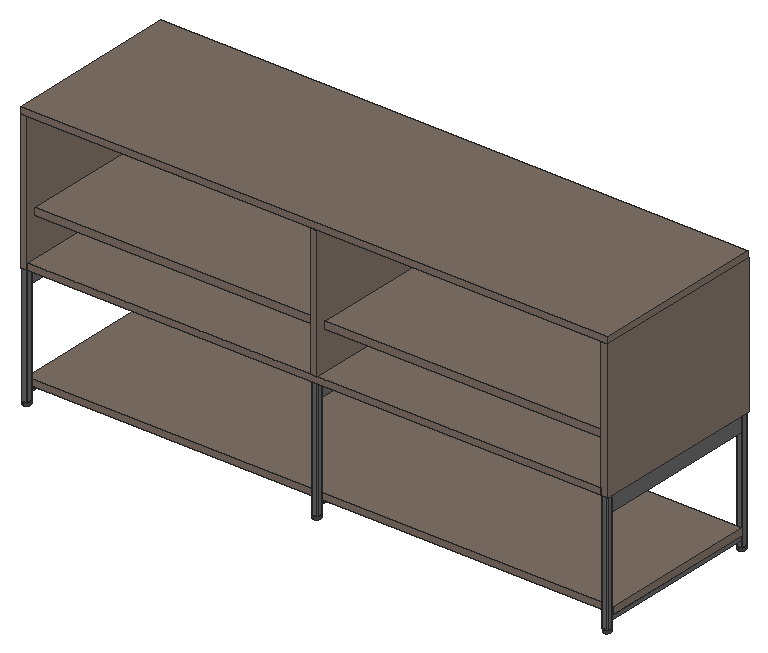
Revit family "Storage-Teknion-LWBHC_Byward_High_Cabinet-R2022", category Furniture, Revit 2022
Family settings
  OmniClass Number = 23.40.20.00
  OmniClass Title = General Furniture and Specialties
  Work Plane-Based = No
  Always vertical = Yes
  Cut with Voids When Loaded = No
  Render Appearance Source = Family Geometry
  Shared = Yes
  Room Calculation Point = No
Parameters (values of type "All Open")
  Width [instance] = 60.000"
  Warranty = "http://www.teknion.com/ca/papers/legal-canada"
  Unit Weight URL = "http://www.teknion.com/ca/tools/assets#&asset=bee6a381-b954-425e-8283-5a2de3a804f2,f828d448-4b62-4231-9e5f-9a8991c0ed77"
  URL = "www.teknion.com"
  To render please download texture images found here [instance] = "https://assets.teknion.com/web/5e81352c1dfdb467/revit-material-swatches/"
  Third Leg Visibility [instance] = Width > 50.000"  # yes
  Sustainability Data = "https://www.teknion.com/ca/tools/assets#&topic=216f99a5-57a0-44fc-b10a-9dee9b29ae4c&asset=444deb64-fe58-4b68-981e-f75e97781df7,b4ff2d81-9f2e-437d-9659-7cffb09c31cf"
  Single Shevle Height [instance] = if(Height = 27.000", 9.375", 10.540")  # 9.375"
  Single Shelf Visibility [instance] = or(and(CC, Width = 36.000"), OO, OC)  # yes
  Single Right Rectangular Pull Handle [instance] = and(or(and(CC, Width < 49.000"), and(OC, Width = 36.000")), Rectangular Pull Handle)  # no
  Single Right Modern Straight (ADA) Handle [instance] = and(or(and(CC, Width < 49.000"), and(OC, Width = 36.000")), [Modern Straight (ADA) Handle])  # no
  Single Right Journal Pull Handle [instance] = and(or(and(CC, Width < 49.000"), and(OC, Width = 36.000")), Journal Pull Handle)  # no
  Single Right Door Width [instance] = if(CC, 17.163", 17.444")  # 17.444"
  Single Right Door Visibility [instance] = and(or(CC, OC), Width = 36.000")  # no
  Single Right Door Offset 2 [instance] = if(CC, 13.234", 13.391")  # 13.391"
  Single Right Door Offset 1 [instance] = if(CC, 0.788", 0.687")  # 0.687"
  Single Right Byward Tab Handle [instance] = and(or(and(CC, Width < 49.000"), and(OC, Width = 36.000")), Byward Tab Handle)  # no
  Single Right Byward Pull Handle [instance] = and(or(CC, OC), Width = 36.000", Byward Pull Handle)  # no
  Single Left Rectangular Pull Handle [instance] = and(or(CC, CO), Width = 36.000", Rectangular Pull Handle)  # no
  Single Left Modern Straight (ADA) Handle [instance] = and(or(CC, CO), Width = 36.000", [Modern Straight (ADA) Handle])  # no
  Single Left Journal Pull Handle [instance] = and(or(CC, CO), Width = 36.000", Journal Pull Handle)  # no
  Single Left Door Width [instance] = if(CC, if(Width = 36.000", 17.163", 15.402"), 17.531")  # 17.531"
  Single Left Door Visibility [instance] = or(and(Width = 36.000", or(CO, CC)), and(Width = 48.000", CC))  # no
  Single Left Door Offset 1 [instance] = if(CC, 13.234", 13.391")  # 13.391"
  Single Left Byward Tab Handle [instance] = and(or(CC, CO), Width = 36.000", Byward Tab Handle)  # no
  Single Left Byward Pull Handle [instance] = and(or(CC, CO), Width = 36.000", Byward Pull Handle)  # no
  Shelf Offset [instance] = if(and(CC, or(Width = 78.000", Width = 60.000")), 0.688", 0.344")  # 0.344"
  Series = "Byward"  # constant formula
  Right Rectangular Pull Handle [instance] = and(or(and(OC, Width > 36.000"), and(CC, Width > 48.000")), Rectangular Pull Handle)  # no
  Right Modern Straight (ADA) Handle [instance] = and(or(and(OC, Width > 36.000"), and(CC, Width > 48.000")), [Modern Straight (ADA) Handle])  # no
  Right Journal Pull Handle [instance] = and(or(and(OC, Width > 36.000"), and(CC, Width > 48.000")), Journal Pull Handle)  # no
  Right Handle Two [instance] = and(or(OC, Width > 59.000", or(CC, Width > 59.000")))  # yes
  Right Center Support Visibility [instance] = and(Third Leg Visibility, or(OC, CC, OO))  # yes
  Right Byward Tab Handle [instance] = and(or(and(OC, Width > 36.000"), and(CC, Width > 48.000")), Byward Tab Handle)  # no
  Right Byward Pull Handle [instance] = and(or(OC, CC), Width > 36.000", Byward Pull Handle)  # no
  Rectangular Pull Handle [instance] = yes
  Product Page URL = "https://www.teknion.com/ca/products/product-details?productLineId=87d0476f-8e7a-673b-a6c8-ff05004460c4"
  Product Line = "Byward"  # constant formula
  Product Documentation Link = "https://assets.teknion.com/m/d3f7903c0f9c31f/original/Byward-Reference-Guide.pdf"
  Part Number = "LWBHC"  # constant formula
  OO = yes
  OC = no
  Modern Straight (ADA) Handle [instance] = no
  Model = "LWBHCOO______"
  Middle Door DIM 2 [instance] = if(Width = 48.000", 1.752", if(Width = 60.000", 15.000", if(Width = 72.000", 17.779", 1.000")))  # 15.000"
  Middle Door DIM [instance] = if(Width = 48.000", 0.059", if(Width = 60.000", 13.249", if(Width = 72.000", 17.779", 1.000")))  # 13.249"
  Manufacturer Phone = "416-661-3370"  # constant formula
  Manufacturer Fax = "416.661.4586"  # constant formula
  Manufacturer Contact Information = "http://www.teknion.com/ca/contactus"
  Manufacturer Address = "1150 Flint Road, Toronto, ON. M3J 2J5. Canada"  # constant formula
  Manufacturer = "Teknion"  # constant formula
  Left Rectangular Pull Handle [instance] = and(or(CO, CC), Width > 36.000", Rectangular Pull Handle)  # no
  Left Modern Straight (ADA) Handle [instance] = and(or(CO, CC), Width > 36.000", [Modern Straight (ADA) Handle])  # no
  Left Journal Pull Handle [instance] = and(or(CO, CC), Width > 36.000", Journal Pull Handle)  # no
  Left Center Support Visibility [instance] = and(Third Leg Visibility, CO)  # no
  Left Byward Tab Handle [instance] = and(or(CO, CC), Width > 36.000", Byward Tab Handle)  # no
  Left Byward Pull Handle [instance] = and(or(CO, CC), Width > 36.000", Byward Pull Handle)  # no
  Journal Pull Handle [instance] = no
  How To Use Teknion Materials User Guide [instance] = "https://assets.teknion.com/m/205dd0a49fa58060/original/How-to-add-a-Material-Library-and-Texture-Images-to-your-Revit-project.pdf"
  Height [instance] = 27.000"
  Handle Style [instance] = "Select Handle Style from Below List"  # constant formula
  Handle Paint Finish [instance] = Paint - Teknion - Mica - Anthracite
  Handle Leather Finish [instance] = Leather-Teknion-N68-Natural
  For Additional Finishes please visit [instance] = "https://assets.teknion.com/m/44a8009b046e5d47/original/Teknion_Materials_Library.zip"
  Shelf Both Sides Visibility [instance] = not(or(OC, OO, and(CC, Width = 36.000")))  # no
  Double Handle DIM [instance] = if(Width = 48.000", 16.248", if(Width = 60.000", 15.344", if(Width = 72.000", 18.344", 10.344")))  # 15.344"
  Double Door Width 2 [instance] = if(OC, Double Door Width 1, if(CO, Double Door Width 1, if(Width = 72.000", 17.538", if(Width = 60.000", 14.456", 15.369"))))  # 14.456"
  Double Door Width 1 [instance] = if(OC, if(Width = 72.000", 17.713", if(Width = 60.000", 14.713", 14.556")), if(CO, if(Width = 72.000", 17.728", 14.728"), if(Width = 72.000", 17.538", if(Width = 60.000", 14.556", 15.369"))))  # 14.556"
  Double Right Door Visibility [instance] = and(or(OC, CC), not(Width = 36.000"))  # no
  Double Left Door Visibility [instance] = and(or(CO, CC), not(or(Width = 36.000", and(Width = 48.000", CC))))  # no
  Double Center Divide Visibility [instance] = and(or(Width = 60.000", Width = 72.000"), CC)  # no
  Dooble Door Depth [instance] = if(CO, 13.391", 13.234")  # 13.234"
  Description = "Byward High Cabinet, All Open"
  Depth [instance] = 18.000"
  Default Elevation = 0.000"
  DIM Single Right Handle [instance] = if(Width = 48.000", 9.002", 1.254")  # 1.254"
  Center Divide Visibility [instance] = not(and(or(Width = 72.000", Width = 60.000", Width = 48.000", Width = 36.000"), CC))  # yes
  Center Divide Position Offset [instance] = if(Width = 36.000", 17.656", if(or(CC, CO), if(Width = 72.000", 35.656", if(and(Width = 48.000", CO), 31.122", if(OO, 23.656", 31.408"))), if(Width = 72.000", 35.688", if(Width = 60.000", 29.656", 18.000")))) + 0.344"  # 30.000"
  Center Divide Depth Offset [instance] = if(OO, Depth - 1.476", Depth - 0.728")  # 16.524"
  Case Finish [instance] = Veneer-Teknion-5U-Flintwood-Raw_Umber (Long Grain)
  CO = no
  CC = no
  Byward Tab Handle [instance] = no
  Byward Pull Handle [instance] = no
  Bottom of Case Offset [instance] = if(OO, 14.000", 13.173")  # 14.000"
  Available Widths [instance] = "36\", 48\", 60\", & 72\""  # constant formula
  Available Height [instance] = "27\" & 29\""  # constant formula
  Available Depth [instance] = "14\", 16\", 18\" & 20\""  # constant formula
  Assembly Code = "E2020200"
  Actual Height [instance] = if(Height = 27.000", 27.250", 29.000")  # 27.250"
Reference planes (in)
  plane 1 "Center Front/Back": y = 0
  plane 2: z = 0
  plane 3 "Center Left/Right": x = 0
  plane 4 "Left": x = -30
  plane 5 "Right": x = 30
  plane 6 "Back": y = 11
  plane 7 "Front": y = -7
  plane 8 "Top": z = 27.25
  plane 9 "Divider Reference Plane": x = 0
  plane 10: z = 19.59449
  plane 11 "Left Ref 1": x = -14.656
  plane 12: x = 14.656
  plane 13: z = 25
  plane 14 "Door Face": y = -6.95983
  plane 15 "Single Right Handle": x = 1.254
Forms (in)
  Sweep 1, solid, material "Paint-Teknion-23-Z-Foundation-Foundry Onyx"
    path origin (0, 0, 0) x (1, 0, 0) y (0, 0, 1)
      loop
        line (0, 0.325) -> (0, 12.5)
    profile origin (0, 0, 6.4125) x (-1, 0, 0) y (0, -1, 0)
      loop
        line (29.434, -10.936) -> (29.879, -10.936)
        arc (29.879, -10.936) -> (29.94264, -10.90964) -> (29.969, -10.846) r 0.09
        line (29.969, -10.846) -> (29.969, -10.4122)
        arc (29.969, -10.4122) -> (29.93936, -10.34064) -> (29.8678, -10.311) r 0.1012
        line (29.8678, -10.311) -> (29.4452, -10.311)
        arc (29.4452, -10.311) -> (29.37364, -10.34064) -> (29.344, -10.4122) r 0.1012
        line (29.344, -10.4122) -> (29.344, -10.846)
        arc (29.344, -10.846) -> (29.37036, -10.90964) -> (29.434, -10.936) r 0.09
      loop
        arc (-29.4396, -10.936) -> (-29.372, -10.908) -> (-29.344, -10.8404) r 0.0956
        line (-29.344, -10.8404) -> (-29.344, -10.3954)
        arc (-29.344, -10.3954) -> (-29.36872, -10.33572) -> (-29.4284, -10.311) r 0.0844
        line (-29.4284, -10.311) -> (-29.8846, -10.311)
        arc (-29.8846, -10.311) -> (-29.94428, -10.33572) -> (-29.969, -10.3954) r 0.0844
        line (-29.969, -10.3954) -> (-29.969, -10.8404)
        arc (-29.969, -10.8404) -> (-29.941, -10.908) -> (-29.8734, -10.936) r 0.0956
        line (-29.8734, -10.936) -> (-29.4396, -10.936)
      loop
        arc (29.434, 6.908) -> (29.37036, 6.88164) -> (29.344, 6.818) r 0.09
        line (29.344, 6.818) -> (29.344, 6.373)
        arc (29.344, 6.373) -> (29.37036, 6.30936) -> (29.434, 6.283) r 0.09
        line (29.434, 6.283) -> (29.879, 6.283)
        arc (29.879, 6.283) -> (29.94264, 6.30936) -> (29.969, 6.373) r 0.09
        line (29.969, 6.373) -> (29.969, 6.818)
        arc (29.969, 6.818) -> (29.94264, 6.88164) -> (29.879, 6.908) r 0.09
        line (29.879, 6.908) -> (29.434, 6.908)
      loop
        line (-29.4284, 6.908) -> (-29.8846, 6.908)
        arc (-29.8846, 6.908) -> (-29.94428, 6.88328) -> (-29.969, 6.8236) r 0.0844
        line (-29.969, 6.8236) -> (-29.969, 6.3786)
        arc (-29.969, 6.3786) -> (-29.941, 6.311) -> (-29.8734, 6.283) r 0.0956
        line (-29.8734, 6.283) -> (-29.4396, 6.283)
        arc (-29.4396, 6.283) -> (-29.372, 6.311) -> (-29.344, 6.3786) r 0.0956
        line (-29.344, 6.3786) -> (-29.344, 6.8236)
        arc (-29.344, 6.8236) -> (-29.36872, 6.88328) -> (-29.4284, 6.908) r 0.0844
  Sweep 2, solid, material "Paint-Teknion-23-Z-Foundation-Foundry Onyx"
    path origin (0, 0, 0) x (1, 0, 0) y (0, 1, 0)
      loop
        line (0, -4.739) -> (0, -4.605)
    profile origin (0, -4.672, 0) x (-1, 0, 0) y (0, 0, 1)
      loop
        line (29.459, 10.866) -> (29.67408, 10.866) -> (29.67408, 12.178) -> (29.48608, 12.366) -> (27.647, 12.366) -> (27.647, 12.178) -> (29.459, 10.866)
      loop
        line (-29.49, 10.866) -> (-27.67408, 12.18084) -> (-27.67408, 12.366) -> (-29.48608, 12.366) -> (-29.67408, 12.178) -> (-29.67408, 10.866) -> (-29.49, 10.866)
  Sweep 3, solid, material "Paint-Teknion-23-Z-Foundation-Foundry Onyx"
    path origin (0, 0, 0) x (1, 0, 0) y (0, 1, 0)
      loop
        line (0, 8.605) -> (0, 8.739)
    profile origin (0, 8.672, 0) x (-1, 0, 0) y (0, 0, 1)
      loop
        line (29.459, 10.866) -> (29.67408, 10.866) -> (29.67408, 12.178) -> (29.48608, 12.366) -> (27.647, 12.366) -> (27.647, 12.178) -> (29.459, 10.866)
      loop
        line (-29.45899, 10.866) -> (-27.64699, 12.178) -> (-27.64699, 12.366) -> (-29.45899, 12.366) -> (-29.64699, 12.178) -> (-29.64699, 10.866) -> (-29.45899, 10.866)
  Sweep 4, solid, material "Veneer-Teknion-5U-Flintwood-Raw_Umber (Long Grain)" <- "Case Finish"
    path origin (0, 0, 0) x (1, 0, 0) y (0, 1, 0)
      loop
        line (0, 11) -> (0, -7)
    profile origin (0, 2, 0) x (1, 0, 0) y (0, 0, 1)
      loop
        line (-30, 26.5625) -> (-30, 12.5) -> (-29.3125, 12.5) -> (-29.3125, 26.5625) -> (-30, 26.5625)
      loop
        line (30, 26.5625) -> (29.3125, 26.5625) -> (29.3125, 12.5) -> (30, 12.5) -> (30, 26.5625)
  Sweep 5, solid, material "Veneer-Teknion-5U-Flintwood-Raw_Umber (Long Grain)" <- "Case Finish"
    path origin (0, 0, 0) x (1, 0, 0) y (0, 1, 0)
      loop
        line (-29.3125, 0) -> (29.3125, 0)
    profile origin (0, 0, 0) x (0, 1, 0) y (0, 0, 1)
      loop
        line (10.3125, 12.5) -> (11, 12.5) -> (11, 26.5625) -> (10.3125, 26.5625) -> (10.3125, 12.5)
  Sweep 6, solid, material "Veneer-Teknion-5U-Flintwood-Raw_Umber (Long Grain)" <- "Case Finish"
    path origin (0, 0, 0) x (1, 0, 0) y (0, 1, 0)
      loop
        line (-29.3125, 0) -> (29.3125, 0)
    profile origin (0, 0, 0) x (0, 1, 0) y (0, 0, 1)
      loop
        line (-7, 13.1875) -> (-7, 12.5) -> (10.3125, 12.5) -> (10.3125, 13.1875) -> (-7, 13.1875)
  Sweep 7, solid, material "Plastic - Teknion - E - Ebony"
    path origin (0, 0, 0) x (1, 0, 0) y (0, 0, 1)
      loop
        line (0, 0.25) -> (0, 0.325)
    profile origin (0, 0, 0.2875) x (-1, 0, 0) y (0, -1, 0)
      loop
        circle (29.65409, -10.61853) r 0.125
      loop
        circle (29.65409, 6.59869) r 0.125
      loop
        circle (-29.65409, -10.61853) r 0.125
      loop
        circle (-29.65409, 6.59869) r 0.125
  Sweep 8, solid, material "Plastic - Teknion - E - Ebony"
    path origin (0, 0, 0) x (1, 0, 0) y (0, 0, 1)
      loop
        line (0, 0.25) -> (0, 0)
    profile origin (0, 0, 0.125) x (0, -1, 0) y (1, 0, 0)
      loop
        circle (-10.6065, -29.65409) r 0.37455
      loop
        circle (6.60832, -29.65409) r 0.37455
      loop
        circle (-10.6065, 29.65409) r 0.37455
      loop
        circle (6.60832, 29.65409) r 0.37455
  Sweep 9, solid, material "Veneer-Teknion-5U-Flintwood-Raw_Umber (Long Grain)" <- "Case Finish"
    path origin (0, 0, 0) x (1, 0, 0) y (0, 0, 1)
      loop
        line (0, 27.25) -> (0, 26.5625)
    profile origin (0, 0, 26.90625) x (0, -1, 0) y (1, 0, 0)
      loop
        line (-11, -30) -> (7, -30) -> (7, 30) -> (-11, 30) -> (-11, -30)
  Sweep 10, solid, material "Veneer-Teknion-5U-Flintwood-Raw_Umber (Long Grain)" <- "Case Finish", visible <- "Center Divide Visibility"
    path origin (0, 0, 0) x (1, 0, 0) y (0, 0, 1)
      loop
        line (0, 13.1875) -> (0, 26.5625)
    profile origin (0, 0, 19.875) x (-1, 0, 0) y (0, -1, 0)
      loop
        line (0.34375, -10.3125) -> (0.34375, 7) -> (-0.34375, 7) -> (-0.34375, -10.3125) -> (0.34375, -10.3125)
  Sweep 11, solid, material "Veneer-Teknion-5U-Flintwood-Raw_Umber (Long Grain)" <- "Case Finish", visible <- "Shelf Both Sides Visibility"
    path origin (0, 0, 0) x (1, 0, 0) y (0, 1, 0)
      loop
        line (0, 10.3125) -> (0, -6.07383)
    profile origin (0, 2.11934, 0) x (1, 0, 0) y (0, 0, 1)
      loop
        line (-29.3125, 17.875) -> (-29.3125, 17.1875) -> (-0.344, 17.1875) -> (-0.344, 17.875) -> (-29.3125, 17.875)
      loop
        line (0.344, 17.875) -> (0.344, 17.1875) -> (29.3125, 17.1875) -> (29.3125, 17.875) -> (0.344, 17.875)
  Sweep 12, solid, material "Veneer-Teknion-5U-Flintwood-Raw_Umber (Long Grain)" <- "Case Finish"
    path origin (0, 0, 0) x (1, 0, 0) y (0, 1, 0)
      loop
        line (-30, 0) -> (30, 0)
    profile origin (0, 0, 0) x (0, 1, 0) y (0, 0, 1)
      loop
        line (10.233, 2.1875) -> (-6.233, 2.1875) -> (-6.233, 1.5) -> (10.233, 1.5) -> (10.233, 2.1875)
  Sweep 13, solid, material "Veneer-Teknion-5U-Flintwood-Raw_Umber (Long Grain)" <- "Case Finish", visible <- "Single Right Door Visibility"
    path origin (0, 0, 0) x (1, 0, 0) y (0, 0, 1)
      loop
        line (0, 12.559) -> (0, 26.503)
    profile origin (0, 0, 19.531) x (-1, 0, 0) y (0, -1, 0)
      loop
        line (-11.869, 6.2725) -> (-11.869, 6.96) -> (-29.313, 6.96) -> (-29.313, 6.2725) -> (-11.869, 6.2725)
  Sweep 14, solid, material "Veneer-Teknion-5U-Flintwood-Raw_Umber (Long Grain)" <- "Case Finish", visible <- "Single Left Door Visibility"
    path origin (0, 0, 0) x (1, 0, 0) y (0, 0, 1)
      loop
        line (0, 26.503) -> (0, 12.559)
    profile origin (0, 0, 19.531) x (0, -1, 0) y (1, 0, 0)
      loop
        line (6.27209, -29.212) -> (6.95959, -29.212) -> (6.95959, -11.681) -> (6.27209, -11.681) -> (6.27209, -29.212)
  Sweep 15, solid, material "Veneer-Teknion-5U-Flintwood-Raw_Umber (Long Grain)" <- "Case Finish", visible <- "Double Right Door Visibility"
    path origin (0, 0, 0) x (1, 0, 0) y (0, 0, 1)
      loop
        line (0, 26.503) -> (0, 12.559)
    profile origin (0, 0, 19.531) x (0, -1, 0) y (1, 0, 0)
      loop
        line (6.2725, 29.253) -> (6.2725, 14.715) -> (6.96, 14.715) -> (6.96, 29.253) -> (6.2725, 29.253)
      loop
        line (6.2725, 14.597) -> (6.2725, 0.344) -> (6.96, 0.344) -> (6.96, 14.597) -> (6.2725, 14.597)
  Sweep 16, solid, material "Veneer-Teknion-5U-Flintwood-Raw_Umber (Long Grain)" <- "Case Finish", visible <- "Double Left Door Visibility"
    path origin (0, 0, 0) x (1, 0, 0) y (0, 0, 1)
      loop
        line (0, 26.503) -> (0, 12.559)
    profile origin (0, 0, 19.531) x (0, -1, 0) y (1, 0, 0)
      loop
        line (6.27209, -14.597) -> (6.95959, -14.597) -> (6.95959, 1.407) -> (6.27209, 1.407) -> (6.27209, -14.597)
      loop
        line (6.27209, -14.715) -> (6.27209, -29.253) -> (6.95983, -29.253) -> (6.95983, -14.715) -> (6.27209, -14.715)
  Sweep 17, solid, material "Veneer-Teknion-5U-Flintwood-Raw_Umber (Long Grain)" <- "Case Finish", visible <- "Single Shelf Visibility"
    path origin (0, 0, 0) x (1, 0, 0) y (0, 1, 0)
      loop
        line (0, 10.828) -> (0, -6.114)
    profile origin (0, 2.357, 0) x (1, 0, 0) y (0, 0, 1)
      loop
        line (29.3125, 17.875) -> (-29.3125, 17.875) -> (-29.3125, 17.1875) -> (29.3125, 17.1875) -> (29.3125, 17.875)
  Sweep 18, solid, material "Veneer-Teknion-5U-Flintwood-Raw_Umber (Long Grain)" <- "Case Finish", visible <- "Double Center Divide Visibility"
    path origin (0, 0, 0) x (1, 0, 0) y (0, 1, 0)
      loop
        line (-1.466, -6.173) -> (-1.466, 10.41159)
    profile origin (-1.466, 2.11929, 0) x (-1, 0, 0) y (0, 0, 1)
      loop
        line (-1.466, 26.5625) -> (-2.154, 26.5625) -> (-2.154, 13.1875) -> (-1.466, 13.1875) -> (-1.466, 26.5625)
  Sweep 19, solid, material "Veneer-Teknion-5U-Flintwood-Raw_Umber (Long Grain)" <- "Case Finish", visible <- "Double Center Divide Visibility"
    path origin (0, 0, 0) x (1, 0, 0) y (0, 1, 0)
      loop
        line (0, 10.3125) -> (0, -6.2725)
    profile origin (0, 2.02, 0) x (1, 0, 0) y (0, 0, 1)
      loop
        line (0, 26.5625) -> (-0.688, 26.5625) -> (-0.688, 13.1875) -> (0, 13.1875) -> (0, 26.5625)
  Sweep 20, solid, material "Plastic - Teknion - E - Ebony", visible <- "Third Leg Visibility"
    path origin (0, 0, 0) x (1, 0, 0) y (0, 0, 1)
      loop
        line (0, 0) -> (0, 0.25)
    profile origin (0, 0, 0.125) x (-1, 0, 0) y (0, -1, 0)
      loop
        circle (0, 6.609) r 0.37455
      loop
        circle (0, -10.6065) r 0.37455
  Sweep 21, solid, material "Plastic - Teknion - E - Ebony", visible <- "Third Leg Visibility"
    path origin (0, 0, 0) x (1, 0, 0) y (0, 0, 1)
      loop
        line (0, 0.325) -> (0, 0.25)
    profile origin (0, 0, 0.2875) x (0, -1, 0) y (1, 0, 0)
      loop
        circle (6.619, 0) r 0.125
      loop
        circle (-10.61853, 0) r 0.125
  Sweep 22, solid, material "Paint-Teknion-23-Z-Foundation-Foundry Onyx", visible <- "Third Leg Visibility"
    path origin (0, 0, 0) x (1, 0, 0) y (0, 0, 1)
      loop
        line (0, 12.5) -> (0, 0.325)
    profile origin (0, 0, 6.4125) x (0, -1, 0) y (1, 0, 0)
      loop
        line (-10.936, 0.2225) -> (-10.936, -0.2225)
        arc (-10.936, -0.2225) -> (-10.90964, -0.28614) -> (-10.846, -0.3125) r 0.09
        line (-10.846, -0.3125) -> (-10.4122, -0.3125)
        arc (-10.4122, -0.3125) -> (-10.34064, -0.28286) -> (-10.311, -0.2113) r 0.1012
        line (-10.311, -0.2113) -> (-10.311, 0.2113)
        arc (-10.311, 0.2113) -> (-10.34064, 0.28286) -> (-10.4122, 0.3125) r 0.1012
        line (-10.4122, 0.3125) -> (-10.846, 0.3125)
        arc (-10.846, 0.3125) -> (-10.90964, 0.28614) -> (-10.936, 0.2225) r 0.09
      loop
        arc (6.908, 0.2225) -> (6.88164, 0.28614) -> (6.818, 0.3125) r 0.09
        line (6.818, 0.3125) -> (6.373, 0.3125)
        arc (6.373, 0.3125) -> (6.30936, 0.28614) -> (6.283, 0.2225) r 0.09
        line (6.283, 0.2225) -> (6.283, -0.2225)
        arc (6.283, -0.2225) -> (6.30936, -0.28614) -> (6.373, -0.3125) r 0.09
        line (6.373, -0.3125) -> (6.818, -0.3125)
        arc (6.818, -0.3125) -> (6.88164, -0.28614) -> (6.908, -0.2225) r 0.09
        line (6.908, -0.2225) -> (6.908, 0.2225)
  Sweep 23, solid, material "Paint-Teknion-23-Z-Foundation-Foundry Onyx"
    path origin (0, 0, 0) x (1, 0, 0) y (0, 1, 0)
      loop
        line (0, -6.283) -> (0, 10.311)
    profile origin (0, 2.014, 0) x (-1, 0, 0) y (0, 0, 1)
      loop
        line (29.781, 10.75) -> (29.781, 12.26311)
        arc (29.781, 12.26311) -> (29.71162, 12.43062) -> (29.54411, 12.5) r 0.23689
        line (29.54411, 12.5) -> (27.281, 12.5) -> (27.281, 12.366) -> (29.54827, 12.366)
        arc (29.54827, 12.366) -> (29.61808, 12.33708) -> (29.647, 12.26727) r 0.09873
        line (29.647, 12.26727) -> (29.647, 10.75) -> (29.781, 10.75)
      loop
        line (29.781, 0.875) -> (29.781, 1.26036)
        arc (29.781, 1.26036) -> (29.70303, 1.43765) -> (29.51967, 1.5) r 0.24054
        line (29.51967, 1.5) -> (27.281, 1.5) -> (27.281, 1.366) -> (29.54713, 1.366)
        arc (29.54713, 1.366) -> (29.61775, 1.33675) -> (29.647, 1.26613) r 0.09987
        line (29.647, 1.26613) -> (29.647, 0.875) -> (29.781, 0.875)
  Sweep 24, solid, material "Paint-Teknion-23-Z-Foundation-Foundry Onyx"
    path origin (0, 0, 0) x (1, 0, 0) y (0, 1, 0)
      loop
        line (0, 10.3125) -> (0, -6.283)
    profile origin (0, 2.01475, 0) x (1, 0, 0) y (0, 0, 1)
      loop
        line (29.812, 10.75) -> (29.812, 12.26533)
        arc (29.812, 12.26533) -> (29.74327, 12.43127) -> (29.57733, 12.5) r 0.23467
        line (29.57733, 12.5) -> (27.312, 12.5) -> (27.312, 12.366) -> (29.57766, 12.366)
        arc (29.57766, 12.366) -> (29.64861, 12.33661) -> (29.678, 12.26566) r 0.10034
        line (29.678, 12.26566) -> (29.678, 10.75) -> (29.812, 10.75)
      loop
        line (29.812, 0.875) -> (29.812, 1.26553)
        arc (29.812, 1.26553) -> (29.74332, 1.43132) -> (29.57753, 1.5) r 0.23447
        line (29.57753, 1.5) -> (27.312, 1.5) -> (27.312, 1.366) -> (29.57744, 1.366)
        arc (29.57744, 1.366) -> (29.64855, 1.33655) -> (29.678, 1.26544) r 0.10056
        line (29.678, 1.26544) -> (29.678, 0.875) -> (29.812, 0.875)
  Sweep 25, solid, material "Paint-Teknion-23-Z-Foundation-Foundry Onyx", visible <- "Right Center Support Visibility"
    path origin (0, 0, 0) x (1, 0, 0) y (0, 1, 0)
      loop
        line (0, 10.3125) -> (0, -6.283)
    profile origin (0, 2.01475, 0) x (1, 0, 0) y (0, 0, 1)
      loop
        line (-0.134, 10.75) -> (0, 10.75) -> (0, 12.232)
        arc (0, 12.232) -> (0.03925, 12.32675) -> (0.134, 12.366) r 0.134
        line (0.134, 12.366) -> (2.366, 12.366) -> (2.366, 12.5) -> (0.134, 12.5)
        arc (0.134, 12.5) -> (-0.0555, 12.4215) -> (-0.134, 12.232) r 0.268
        line (-0.134, 12.232) -> (-0.134, 10.75)
      loop
        line (-0.134, 0.875) -> (0, 0.875) -> (0, 1.232)
        arc (0, 1.232) -> (0.03925, 1.32675) -> (0.134, 1.366) r 0.134
        line (0.134, 1.366) -> (2.366, 1.366) -> (2.366, 1.5) -> (0.134, 1.5)
        arc (0.134, 1.5) -> (-0.0555, 1.4215) -> (-0.134, 1.232) r 0.268
        line (-0.134, 1.232) -> (-0.134, 0.875)
  Sweep 26, solid, material "Paint-Teknion-23-Z-Foundation-Foundry Onyx", visible <- "Left Center Support Visibility"
    path origin (0, 0, 0) x (1, 0, 0) y (0, 1, 0)
      loop
        line (0, 10.3125) -> (0, -6.283)
    profile origin (0, 2.01475, 0) x (1, 0, 0) y (0, 0, 1)
      loop
        line (0.134, 11.5) -> (0.134, 12.232)
        arc (0.134, 12.232) -> (0.0555, 12.4215) -> (-0.134, 12.5) r 0.268
        line (-0.134, 12.5) -> (-2.366, 12.5) -> (-2.366, 12.366) -> (-0.134, 12.366)
        arc (-0.134, 12.366) -> (-0.03925, 12.32675) -> (0, 12.232) r 0.134
        line (0, 12.232) -> (0, 11.5) -> (0.134, 11.5)
      loop
        line (0.134, 0.875) -> (0.134, 1.232)
        arc (0.134, 1.232) -> (0.0555, 1.4215) -> (-0.134, 1.5) r 0.268
        line (-0.134, 1.5) -> (-2.366, 1.5) -> (-2.366, 1.366) -> (-0.134, 1.366)
        arc (-0.134, 1.366) -> (-0.03925, 1.32675) -> (0, 1.232) r 0.134
        line (0, 1.232) -> (0, 0.875) -> (0.134, 0.875)
  Sweep 27, solid, material "Paint-Teknion-23-Z-Foundation-Foundry Onyx", visible <- "Left Center Support Visibility"
    path origin (0, 0, 0) x (1, 0, 0) y (0, 1, 0)
      loop
        line (0, -4.739) -> (0, -4.605)
    profile origin (0, -4.672, 0) x (-1, 0, 0) y (0, 0, 1)
      loop
        line (0.188, 10.866) -> (2, 12.178) -> (2, 12.366) -> (0.188, 12.366) -> (0, 12.178) -> (0, 10.866) -> (0.188, 10.866)
  Sweep 28, solid, material "Paint-Teknion-23-Z-Foundation-Foundry Onyx", visible <- "Left Center Support Visibility"
    path origin (0, 0, 0) x (1, 0, 0) y (0, 1, 0)
      loop
        line (0, 8.605) -> (0, 8.739)
    profile origin (0, 8.672, 0) x (-1, 0, 0) y (0, 0, 1)
      loop
        line (0.188, 10.866) -> (2, 12.178) -> (2, 12.366) -> (0.188, 12.366) -> (0, 12.178) -> (0, 10.866) -> (0.188, 10.866)
  Sweep 29, solid, material "Paint-Teknion-23-Z-Foundation-Foundry Onyx", visible <- "Right Center Support Visibility"
    path origin (0, 0, 0) x (1, 0, 0) y (0, 1, 0)
      loop
        line (0, -4.739) -> (0, -4.605)
    profile origin (0, -4.672, 0) x (-1, 0, 0) y (0, 0, 1)
      loop
        line (-0.16499, 10.866) -> (0.02301, 10.866) -> (0.02301, 12.178) -> (-0.16499, 12.366) -> (-1.97699, 12.366) -> (-1.97699, 12.178) -> (-0.16499, 10.866)
  Sweep 30, solid, material "Paint-Teknion-23-Z-Foundation-Foundry Onyx", visible <- "Right Center Support Visibility"
    path origin (0, 9.344, 0) x (1, 0, 0) y (0, 1, 0)
      loop
        line (0, -0.739) -> (0, -0.605)
    profile origin (0, 8.672, 0) x (-1, 0, 0) y (0, 0, 1)
      loop
        line (-0.16499, 10.866) -> (0.02301, 10.866) -> (0.02301, 12.178) -> (-0.16499, 12.366) -> (-1.97699, 12.366) -> (-1.97699, 12.178) -> (-0.16499, 10.866)
  Sweep 31, void
    path origin (0, 0, 0) x (1, 0, 0) y (0, 0, 1)
      loop
        line (0, 0.6875) -> (0, 13.1875)
    profile origin (0, 0, 6.9375) x (-1, 0, 0) y (0, -1, 0)
      loop
        line (29.66817, -10.41123) -> (27.25, -9.38024) -> (27.25, -10.41123) -> (29.66817, -10.41123)
      loop
        line (27.25, 6.38262) -> (27.25, 5.35224) -> (29.66673, 6.38262) -> (27.25, 6.38262)
      loop
        line (-29.66817, -10.41123) -> (-27.25, -10.41123) -> (-27.25, -9.38024) -> (-29.66817, -10.41123)
      loop
        line (-27.25, 6.38262) -> (-29.66673, 6.38262) -> (-27.25, 5.35224) -> (-27.25, 6.38262)
      loop
        line (0, -10.41123) -> (-2.41817, -9.38024) -> (-2.41817, -10.41123) -> (0, -10.41123)
      loop
        line (0, 6.41123) -> (-2.41817, 6.41123) -> (-2.41817, 5.38024) -> (0, 6.41123)
  Sweep 32, void
    path origin (0, 0, 0) x (1, 0, 0) y (0, 0, 1)
      loop
        line (0, 13.1875) -> (0, 0.6875)
    profile origin (0, 0, 6.9375) x (0, -1, 0) y (1, 0, 0)
      loop
        line (-10.41123, -2.42408) -> (-9.38024, -2.42408) -> (-10.41123, -0.00591) -> (-10.41123, -2.42408)
      loop
        line (5.38024, -2.42408) -> (6.41123, -2.42408) -> (6.41123, -0.00591) -> (5.38024, -2.42408)
  Sweep 33, solid, material "Paint - Teknion - Mica - Anthracite" <- "Handle Paint Finish", visible <- "Left Modern Straight (ADA) Handle"
    path origin (-0.37607, -11.29266, -11.594) x (1, 0, 0) y (0, 1, 0)
      loop
        line (-15.52993, 4.33303) -> (-15.52993, 2.93403)
    profile origin (-15.906, -7.65912, -11.594) x (1, 0, 0) y (0, 0, 1)
      loop
        arc (0.07877, 28.24016) -> (0.1901, 28.28627) -> (0.23622, 28.39761) r 0.15745
        line (0.23622, 28.39761) -> (0.23622, 35.60239)
        arc (0.23622, 35.60239) -> (0.1901, 35.71373) -> (0.07877, 35.75984) r 0.15745
        line (0.07877, 35.75984) -> (-0.07877, 35.75984)
        arc (-0.07877, 35.75984) -> (-0.1901, 35.71373) -> (-0.23622, 35.60239) r 0.15745
        line (-0.23622, 35.60239) -> (-0.23622, 28.39761)
        arc (-0.23622, 28.39761) -> (-0.1901, 28.28627) -> (-0.07877, 28.24016) r 0.15745
        line (-0.07877, 28.24016) -> (0.07877, 28.24016)
  Sweep 34, void
    path origin (-0.37607, -0.4723, -11.594) x (1, 0, 0) y (0, 1, 0)
      loop
        line (-15.77993, -6.48732) -> (-15.27993, -6.48732)
    profile origin (-15.906, -6.95962, -11.594) x (0, 1, 0) y (0, 0, 1)
      loop
        line (-1.02362, 34.6585) -> (-1.02362, 29.3415)
        arc (-1.02362, 29.3415) -> (-0.93865, 29.13636) -> (-0.7335, 29.05138) r 0.29012
        line (-0.7335, 29.05138) -> (0, 29.03858) -> (0, 34.96142) -> (-0.7335, 34.94862)
        arc (-0.7335, 34.94862) -> (-0.93865, 34.86364) -> (-1.02362, 34.6585) r 0.29012
  Sweep 35, solid, material "Paint - Teknion - Mica - Anthracite" <- "Handle Paint Finish", visible <- "Left Modern Straight (ADA) Handle"
    path origin (-34.93593, -11.29266, -11.594) x (-1, 0, 0) y (0, -1, 0)
      loop
        line (-21.52993, -4.33266) -> (-21.52993, -2.93403)
    profile origin (-13.406, -7.65931, -11.594) x (1, 0, 0) y (0, 0, 1)
      loop
        line (-0.07877, 28.24016) -> (0.07877, 28.24016)
        arc (0.07877, 28.24016) -> (0.1901, 28.28627) -> (0.23622, 28.39761) r 0.15745
        line (0.23622, 28.39761) -> (0.23622, 35.60239)
        arc (0.23622, 35.60239) -> (0.1901, 35.71373) -> (0.07877, 35.75984) r 0.15745
        line (0.07877, 35.75984) -> (-0.07877, 35.75984)
        arc (-0.07877, 35.75984) -> (-0.1901, 35.71373) -> (-0.23622, 35.60239) r 0.15745
        line (-0.23622, 35.60239) -> (-0.23622, 28.39761)
        arc (-0.23622, 28.39761) -> (-0.1901, 28.28627) -> (-0.07877, 28.24016) r 0.15745
  Sweep 36, void
    path origin (-34.93593, -0.4723, -11.594) x (-1, 0, 0) y (0, -1, 0)
      loop
        line (-21.77993, 6.48732) -> (-21.27993, 6.48732)
    profile origin (-13.406, -6.95962, -11.594) x (0, -1, 0) y (0, 0, 1)
      loop
        arc (1.02362, 34.6585) -> (0.93865, 34.86364) -> (0.7335, 34.94862) r 0.29012
        line (0.7335, 34.94862) -> (0, 34.96142) -> (0, 29.03858) -> (0.7335, 29.05138)
        arc (0.7335, 29.05138) -> (0.93865, 29.13636) -> (1.02362, 29.3415) r 0.29012
        line (1.02362, 29.3415) -> (1.02362, 34.6585)
  Sweep 37, solid, material "Paint - Teknion - Mica - Anthracite" <- "Handle Paint Finish", visible <- "Right Modern Straight (ADA) Handle"
    path origin (34.93593, -11.29266, -11.594) x (1, 0, 0) y (0, 1, 0)
      loop
        line (-21.52993, 4.33266) -> (-21.52993, 2.93403)
    profile origin (13.406, -7.65931, -11.594) x (1, 0, 0) y (0, 0, 1)
      loop
        arc (0.07877, 28.24016) -> (0.1901, 28.28627) -> (0.23622, 28.39761) r 0.15745
        line (0.23622, 28.39761) -> (0.23622, 35.60239)
        arc (0.23622, 35.60239) -> (0.1901, 35.71373) -> (0.07877, 35.75984) r 0.15745
        line (0.07877, 35.75984) -> (-0.07877, 35.75984)
        arc (-0.07877, 35.75984) -> (-0.1901, 35.71373) -> (-0.23622, 35.60239) r 0.15745
        line (-0.23622, 35.60239) -> (-0.23622, 28.39761)
        arc (-0.23622, 28.39761) -> (-0.1901, 28.28627) -> (-0.07877, 28.24016) r 0.15745
        line (-0.07877, 28.24016) -> (0.07877, 28.24016)
  Sweep 38, void
    path origin (34.93593, -0.4723, -11.594) x (1, 0, 0) y (0, 1, 0)
      loop
        line (-21.77993, -6.48732) -> (-21.27993, -6.48732)
    profile origin (13.406, -6.95962, -11.594) x (0, 1, 0) y (0, 0, 1)
      loop
        line (-1.02362, 34.6585) -> (-1.02362, 29.3415)
        arc (-1.02362, 29.3415) -> (-0.93865, 29.13636) -> (-0.7335, 29.05138) r 0.29012
        line (-0.7335, 29.05138) -> (0, 29.03858) -> (0, 34.96142) -> (-0.7335, 34.94862)
        arc (-0.7335, 34.94862) -> (-0.93865, 34.86364) -> (-1.02362, 34.6585) r 0.29012
  Sweep 39, solid, material "Paint - Teknion - Mica - Anthracite" <- "Handle Paint Finish", visible <- "Right Modern Straight (ADA) Handle"
    path origin (0.37607, -11.29266, -11.594) x (-1, 0, 0) y (0, -1, 0)
      loop
        line (-15.52993, -4.33266) -> (-15.52993, -2.93403)
    profile origin (15.906, -7.65931, -11.594) x (1, 0, 0) y (0, 0, 1)
      loop
        line (-0.07877, 28.24016) -> (0.07877, 28.24016)
        arc (0.07877, 28.24016) -> (0.1901, 28.28627) -> (0.23622, 28.39761) r 0.15745
        line (0.23622, 28.39761) -> (0.23622, 35.60239)
        arc (0.23622, 35.60239) -> (0.1901, 35.71373) -> (0.07877, 35.75984) r 0.15745
        line (0.07877, 35.75984) -> (-0.07877, 35.75984)
        arc (-0.07877, 35.75984) -> (-0.1901, 35.71373) -> (-0.23622, 35.60239) r 0.15745
        line (-0.23622, 35.60239) -> (-0.23622, 28.39761)
        arc (-0.23622, 28.39761) -> (-0.1901, 28.28627) -> (-0.07877, 28.24016) r 0.15745
  Sweep 40, void
    path origin (0.37607, -0.4723, -11.594) x (-1, 0, 0) y (0, -1, 0)
      loop
        line (-15.77993, 6.48732) -> (-15.27993, 6.48732)
    profile origin (15.906, -6.95962, -11.594) x (0, -1, 0) y (0, 0, 1)
      loop
        arc (1.02362, 34.6585) -> (0.93865, 34.86364) -> (0.7335, 34.94862) r 0.29012
        line (0.7335, 34.94862) -> (0, 34.96142) -> (0, 29.03858) -> (0.7335, 29.05138)
        arc (0.7335, 29.05138) -> (0.93865, 29.13636) -> (1.02362, 29.3415) r 0.29012
        line (1.02362, 29.3415) -> (1.02362, 34.6585)
  Sweep 41, solid, visible <- "Right Journal Pull Handle"
    path origin (0, 0, 0) x (1, 0, 0) y (0, 0, 1)
      loop
        line (13.01261, 26.503) -> (13.01261, 26.31672)
    profile origin (13.01261, 0, 26.40986) x (0, -1, 0) y (1, 0, 0)
      loop
        line (7.70973, 2.02212) -> (7.70973, 10.38267)
        spline (7.70973, 10.38267) -> (7.707, 10.4244) -> (7.69885, 10.46542) -> (7.68541, 10.50502) -> (7.66692, 10.54253) -> (7.6437, 10.57731) -> (7.61614, 10.60875) -> (7.58472, 10.63632) -> (7.54997, 10.65956) -> (7.51248, 10.67806) -> (7.4729, 10.6915) -> (7.43191, 10.69966) -> (7.3902, 10.70239)
        line (7.3902, 10.70239) -> (6.95983, 10.70239) -> (6.95983, 1.70239) -> (7.39012, 1.70239)
        spline (7.39012, 1.70239) -> (7.43184, 1.70512) -> (7.47284, 1.71327) -> (7.51243, 1.72671) -> (7.54992, 1.7452) -> (7.58468, 1.76844) -> (7.61612, 1.79601) -> (7.64368, 1.82746) -> (7.66691, 1.86223) -> (7.6854, 1.89975) -> (7.69884, 1.93936) -> (7.707, 1.98038) -> (7.70973, 2.02212)
  Sweep 42, solid, visible <- "Right Journal Pull Handle"
    path origin (29.312, 0, 0) x (-1, 0, 0) y (0, 0, -1)
      loop
        line (11.04461, -26.503) -> (11.04461, -26.31672)
    profile origin (18.26739, 0, 26.40986) x (0, -1, 0) y (1, 0, 0)
      loop
        spline (7.70973, -3.99012) -> (7.707, -3.94838) -> (7.69884, -3.90736) -> (7.6854, -3.86775) -> (7.66691, -3.83023) -> (7.64368, -3.79546) -> (7.61612, -3.76401) -> (7.58468, -3.73644) -> (7.54992, -3.7132) -> (7.51243, -3.69471) -> (7.47284, -3.68127) -> (7.43184, -3.67312) -> (7.39012, -3.67039)
        line (7.39012, -3.67039) -> (6.95983, -3.67039) -> (6.95983, -12.67039) -> (7.3902, -12.67039)
        spline (7.3902, -12.67039) -> (7.43191, -12.66766) -> (7.4729, -12.6595) -> (7.51248, -12.64606) -> (7.54997, -12.62756) -> (7.58472, -12.60432) -> (7.61614, -12.57675) -> (7.6437, -12.54531) -> (7.66692, -12.51053) -> (7.68541, -12.47302) -> (7.69885, -12.43342) -> (7.707, -12.3924) -> (7.70973, -12.35067)
        line (7.70973, -12.35067) -> (7.70973, -3.99012)
  Sweep 43, solid, visible <- "Single Right Journal Pull Handle"
    path origin (26.474, 0, -0.02618) x (-1, 0, 0) y (0, 0, -1)
      loop
        line (25.69661, -26.52918) -> (25.69661, -26.3429)
    profile origin (0.77739, 0, 26.40986) x (0, -1, 0) y (1, 0, 0)
      loop
        line (7.70975, -0.39467) -> (7.70975, 7.96588)
        spline (7.70975, 7.96588) -> (7.70702, 8.00761) -> (7.69886, 8.04863) -> (7.68543, 8.08823) -> (7.66694, 8.12574) -> (7.64373, 8.16052) -> (7.61617, 8.19196) -> (7.58475, 8.21954) -> (7.54999, 8.24277) -> (7.51251, 8.26127) -> (7.47293, 8.27471) -> (7.43194, 8.28287) -> (7.39024, 8.28561)
        line (7.39024, 8.28561) -> (6.95983, 8.28561) -> (6.95983, -0.71439) -> (7.39017, -0.71439)
        spline (7.39017, -0.71439) -> (7.43189, -0.71167) -> (7.47288, -0.70351) -> (7.51247, -0.69007) -> (7.54996, -0.67158) -> (7.58472, -0.64834) -> (7.61615, -0.62077) -> (7.64371, -0.58932) -> (7.66694, -0.55455) -> (7.68542, -0.51704) -> (7.69886, -0.47743) -> (7.70702, -0.43641) -> (7.70975, -0.39467)
  Sweep 44, solid, material "Paint - Teknion - Mica - Anthracite" <- "Handle Paint Finish", visible <- "Single Right Modern Straight (ADA) Handle"
    path origin (29.78378, -4.59353, -11.594) x (1, 0, 0) y (0, 1, 0)
      loop
        line (-28.52978, -3.76547) -> (-28.52978, -2.36647)
    profile origin (1.254, -7.6595, -11.594) x (-1, 0, 0) y (0, 0, 1)
      loop
        arc (0.07877, 28.24016) -> (0.1901, 28.28627) -> (0.23622, 28.39761) r 0.15745
        line (0.23622, 28.39761) -> (0.23622, 35.60239)
        arc (0.23622, 35.60239) -> (0.1901, 35.71373) -> (0.07877, 35.75984) r 0.15745
        line (0.07877, 35.75984) -> (-0.07877, 35.75984)
        arc (-0.07877, 35.75984) -> (-0.1901, 35.71373) -> (-0.23622, 35.60239) r 0.15745
        line (-0.23622, 35.60239) -> (-0.23622, 28.39761)
        arc (-0.23622, 28.39761) -> (-0.1901, 28.28627) -> (-0.07877, 28.24016) r 0.15745
        line (-0.07877, 28.24016) -> (0.07877, 28.24016)
  Sweep 45, void
    path origin (29.78378, -3.72796, -11.594) x (1, 0, 0) y (0, 1, 0)
      loop
        line (-28.77978, -6.48732) -> (-28.27978, -6.48732)
    profile origin (1.254, -10.21528, -11.594) x (0, 1, 0) y (0, 0, 1)
      loop
        line (2.23228, 34.6585) -> (2.23228, 29.3415)
        arc (2.23228, 29.3415) -> (2.31726, 29.13636) -> (2.52241, 29.05138) r 0.29012
        line (2.52241, 29.05138) -> (3.25528, 29.05215) -> (3.25528, 34.94785) -> (2.52241, 34.94862)
        arc (2.52241, 34.94862) -> (2.31726, 34.86364) -> (2.23228, 34.6585) r 0.29012
  Sweep 46, solid, material "Paint - Teknion - Mica - Anthracite" <- "Handle Paint Finish", visible <- "Single Left Modern Straight (ADA) Handle"
    path origin (-29.78378, -4.59353, -11.594) x (-1, 0, 0) y (0, -1, 0)
      loop
        line (-28.52993, 3.76547) -> (-28.52993, 2.36647)
    profile origin (-1.25384, -7.6595, -11.594) x (-1, 0, 0) y (0, 0, 1)
      loop
        line (-0.07877, 28.24016) -> (0.07877, 28.24016)
        arc (0.07877, 28.24016) -> (0.1901, 28.28627) -> (0.23622, 28.39761) r 0.15745
        line (0.23622, 28.39761) -> (0.23622, 35.60239)
        arc (0.23622, 35.60239) -> (0.1901, 35.71373) -> (0.07877, 35.75984) r 0.15745
        line (0.07877, 35.75984) -> (-0.07877, 35.75984)
        arc (-0.07877, 35.75984) -> (-0.1901, 35.71373) -> (-0.23622, 35.60239) r 0.15745
        line (-0.23622, 35.60239) -> (-0.23622, 28.39761)
        arc (-0.23622, 28.39761) -> (-0.1901, 28.28627) -> (-0.07877, 28.24016) r 0.15745
  Sweep 47, solid, visible <- "Single Left Journal Pull Handle"
    path origin (-26.474, 0, -0.02618) x (1, 0, 0) y (0, 0, 1)
      loop
        line (18.04461, 26.52918) -> (18.04461, 26.3429)
    profile origin (-8.42939, 0, 26.40986) x (0, -1, 0) y (1, 0, 0)
      loop
        line (7.70973, 0.06812) -> (7.70973, 8.42867)
        spline (7.70973, 8.42867) -> (7.707, 8.4704) -> (7.69885, 8.51142) -> (7.68541, 8.55102) -> (7.66692, 8.58853) -> (7.6437, 8.62331) -> (7.61614, 8.65475) -> (7.58472, 8.68232) -> (7.54997, 8.70556) -> (7.51248, 8.72406) -> (7.4729, 8.7375) -> (7.43191, 8.74566) -> (7.3902, 8.74839)
        line (7.3902, 8.74839) -> (6.95983, 8.74839) -> (6.95983, -0.25161) -> (7.39012, -0.25161)
        spline (7.39012, -0.25161) -> (7.43184, -0.24888) -> (7.47284, -0.24073) -> (7.51243, -0.22729) -> (7.54992, -0.2088) -> (7.58468, -0.18556) -> (7.61612, -0.15799) -> (7.64368, -0.12654) -> (7.66691, -0.09177) -> (7.6854, -0.05425) -> (7.69884, -0.01464) -> (7.707, 0.02638) -> (7.70973, 0.06812)
  Sweep 48, void
    path origin (-29.78378, -3.72796, -11.594) x (-1, 0, 0) y (0, -1, 0)
      loop
        line (-28.77993, 6.48732) -> (-28.27993, 6.48732)
    profile origin (-1.25384, -10.21528, -11.594) x (0, -1, 0) y (0, 0, 1)
      loop
        arc (-2.23228, 34.6585) -> (-2.31726, 34.86364) -> (-2.52241, 34.94862) r 0.29012
        line (-2.52241, 34.94862) -> (-3.25528, 34.94785) -> (-3.25528, 29.05215) -> (-2.52241, 29.05138)
        arc (-2.52241, 29.05138) -> (-2.31726, 29.13636) -> (-2.23228, 29.3415) r 0.29012
        line (-2.23228, 29.3415) -> (-2.23228, 34.6585)
  Sweep 49, solid, visible <- "Left Journal Pull Handle"
    path origin (-2.142, 0, 0) x (-1, 0, 0) y (0, 0, -1)
      loop
        line (13.01261, -26.503) -> (13.01261, -26.31672)
    profile origin (-15.15461, 0, 26.40986) x (0, -1, 0) y (1, 0, 0)
      loop
        spline (7.70973, 0.11988) -> (7.707, 0.16162) -> (7.69884, 0.20264) -> (7.6854, 0.24225) -> (7.66691, 0.27977) -> (7.64368, 0.31454) -> (7.61612, 0.34599) -> (7.58468, 0.37356) -> (7.54992, 0.3968) -> (7.51243, 0.41529) -> (7.47284, 0.42873) -> (7.43184, 0.43688) -> (7.39012, 0.43961)
        line (7.39012, 0.43961) -> (6.95983, 0.43961) -> (6.95983, -8.56039) -> (7.3902, -8.56039)
        spline (7.3902, -8.56039) -> (7.43191, -8.55766) -> (7.4729, -8.5495) -> (7.51248, -8.53606) -> (7.54997, -8.51756) -> (7.58472, -8.49432) -> (7.61614, -8.46675) -> (7.6437, -8.43531) -> (7.66692, -8.40053) -> (7.68541, -8.36302) -> (7.69885, -8.32342) -> (7.707, -8.2824) -> (7.70973, -8.24067)
        line (7.70973, -8.24067) -> (7.70973, 0.11988)
  Sweep 50, solid, visible <- "Left Journal Pull Handle"
    path origin (-25.202, 0, 0) x (1, 0, 0) y (0, 0, 1)
      loop
        line (11.04461, 26.503) -> (11.04461, 26.31672)
    profile origin (-14.15739, 0, 26.40986) x (0, -1, 0) y (1, 0, 0)
      loop
        line (7.70973, -0.11988) -> (7.70973, 8.24067)
        spline (7.70973, 8.24067) -> (7.707, 8.2824) -> (7.69885, 8.32342) -> (7.68541, 8.36302) -> (7.66692, 8.40053) -> (7.6437, 8.43531) -> (7.61614, 8.46675) -> (7.58472, 8.49432) -> (7.54997, 8.51756) -> (7.51248, 8.53606) -> (7.4729, 8.5495) -> (7.43191, 8.55766) -> (7.3902, 8.56039)
        line (7.3902, 8.56039) -> (6.95983, 8.56039) -> (6.95983, -0.43961) -> (7.39012, -0.43961)
        spline (7.39012, -0.43961) -> (7.43184, -0.43688) -> (7.47284, -0.42873) -> (7.51243, -0.41529) -> (7.54992, -0.3968) -> (7.58468, -0.37356) -> (7.61612, -0.34599) -> (7.64368, -0.31454) -> (7.66691, -0.27977) -> (7.6854, -0.24225) -> (7.69884, -0.20264) -> (7.707, -0.16162) -> (7.70973, -0.11988)
Cuts and joins
  Sweep 31 cuts Sweep 23
  Sweep 31 cuts Sweep 25
  Sweep 31 cuts Sweep 24
  Sweep 32 cuts Sweep 26
  Sweep 34, Sweep 36 cuts Sweep 33
  Sweep 36, Sweep 38 cuts Sweep 35
  Sweep 38, Sweep 40, Sweep 45 cuts Sweep 37
  Sweep 40 cuts Sweep 39
  Sweep 45 cuts Sweep 11
  Sweep 45, Sweep 48 cuts Sweep 13
  Sweep 45, Sweep 48 cuts Sweep 15
  Sweep 45, Sweep 48 cuts Sweep 16
  Sweep 45 cuts Sweep 17
  Sweep 45, Sweep 48 cuts Sweep 44
  Sweep 48 cuts Sweep 46
Lines and regions (in)
  Masking region 1
    outline origin (0, 0, 0) x (1, 0, 0) y (0, 1, 0)
      loop
        line (-30, 11) -> (-30, -7) -> (30, -7) -> (30, 11) -> (-30, 11)
  Masking region 2, visible <- "Left Modern Straight (ADA) Handle"
    outline origin (0, 0, 0) x (1, 0, 0) y (0, 1, 0)
      loop
        line (-16.14222, -8.35862) -> (-15.66978, -8.35862) -> (-15.66978, -6.95962) -> (-16.14222, -6.95962) -> (-16.14222, -8.35862)
  Masking region 3, visible <- "Left Modern Straight (ADA) Handle"
    outline origin (0, 0, 0) x (1, 0, 0) y (0, 1, 0)
      loop
        line (-13.64222, -8.35862) -> (-13.16978, -8.35862) -> (-13.16978, -6.96) -> (-13.64222, -6.96) -> (-13.64222, -8.35862)
  Masking region 4, visible <- "Single Left Modern Straight (ADA) Handle"
    outline origin (0, 0, 0) x (1, 0, 0) y (0, 1, 0)
      loop
        line (-1.01762, -8.359) -> (-1.01762, -6.96) -> (-1.49007, -6.96) -> (-1.49007, -8.359) -> (-1.01762, -8.359)
  Masking region 5, visible <- "Single Right Modern Straight (ADA) Handle"
    outline origin (0, 0, 0) x (1, 0, 0) y (0, 1, 0)
      loop
        line (1.49022, -8.359) -> (1.49022, -6.96) -> (1.01778, -6.96) -> (1.01778, -8.359) -> (1.49022, -8.359)
  Masking region 6, visible <- "Right Modern Straight (ADA) Handle"
    outline origin (0, 0, 0) x (1, 0, 0) y (0, 1, 0)
      loop
        line (13.16978, -8.35862) -> (13.64222, -8.35862) -> (13.64222, -6.96) -> (13.16978, -6.96) -> (13.16978, -8.35862)
  Masking region 7, visible <- "Right Modern Straight (ADA) Handle"
    outline origin (0, 0, 0) x (1, 0, 0) y (0, 1, 0)
      loop
        line (15.66978, -8.35862) -> (16.14222, -8.35862) -> (16.14222, -6.96) -> (15.66978, -6.96) -> (15.66978, -8.35862)
  symbolic lines, style "FurnitureHiddenLines", detail levels medium+fine
    curve 1: line (-29.3125, -7, 0) -> (-29.3125, 11, 0)
    curve 2: line (29.3125, 11, 0) -> (29.3125, -7, 0)
    curve 3: line (-29.3125, 10.3125, 0) -> (29.3125, 10.3125, 0)
    curve 17: line (-29.434, 10.936, 0) -> (-29.879, 10.936, 0)
    curve 18: arc (-29.879, 10.936, 0) -> (-29.94264, 10.90964, 0) -> (-29.969, 10.846, 0) r 0.09
    curve 19: line (-29.969, 10.846, 0) -> (-29.969, 10.4122, 0)
    curve 20: arc (-29.969, 10.4122, 0) -> (-29.93936, 10.34064, 0) -> (-29.8678, 10.311, 0) r 0.1012
    curve 21: line (-29.8678, 10.311, 0) -> (-29.4452, 10.311, 0)
    curve 22: arc (-29.4452, 10.311, 0) -> (-29.37364, 10.34064, 0) -> (-29.344, 10.4122, 0) r 0.1012
    curve 23: line (-29.344, 10.4122, 0) -> (-29.344, 10.846, 0)
    curve 24: arc (-29.344, 10.846, 0) -> (-29.37036, 10.90964, 0) -> (-29.434, 10.936, 0) r 0.09
    curve 25: line (-29.434, -6.283, 0) -> (-29.879, -6.283, 0)
    curve 26: arc (-29.879, -6.283, 0) -> (-29.94264, -6.30936, 0) -> (-29.969, -6.373, 0) r 0.09
    curve 27: line (-29.969, -6.373, 0) -> (-29.969, -6.818, 0)
    curve 28: arc (-29.969, -6.818, 0) -> (-29.94264, -6.88164, 0) -> (-29.879, -6.908, 0) r 0.09
    curve 29: line (-29.879, -6.908, 0) -> (-29.434, -6.908, 0)
    curve 30: arc (-29.434, -6.908, 0) -> (-29.37036, -6.88164, 0) -> (-29.344, -6.818, 0) r 0.09
    curve 31: line (-29.344, -6.818, 0) -> (-29.344, -6.373, 0)
    curve 32: arc (-29.344, -6.373, 0) -> (-29.37036, -6.30936, 0) -> (-29.434, -6.283, 0) r 0.09
    curve 33: line (29.8734, 10.936, 0) -> (29.4396, 10.936, 0)
    curve 34: arc (29.4396, 10.936, 0) -> (29.372, 10.908, 0) -> (29.344, 10.8404, 0) r 0.0956
    curve 35: line (29.344, 10.8404, 0) -> (29.344, 10.3954, 0)
    curve 36: arc (29.344, 10.3954, 0) -> (29.36872, 10.33572, 0) -> (29.4284, 10.311, 0) r 0.0844
    curve 37: line (29.4284, 10.311, 0) -> (29.88852, 10.311, 0)
    curve 38: arc (29.88852, 10.311, 0) -> (29.94543, 10.33457, 0) -> (29.969, 10.39148, 0) r 0.08048
    curve 39: line (29.969, 10.39148, 0) -> (29.969, 10.8404, 0)
    curve 40: arc (29.969, 10.8404, 0) -> (29.941, 10.908, 0) -> (29.8734, 10.936, 0) r 0.0956
    curve 41: line (-29.4272, 10.30849, 0) -> (-27.281, 9.405, 0)
    curve 42: line (-27.281, -5.36545, 0) -> (-27.281, 9.405, 0)
    curve 43: line (-27.281, -5.36545, 0) -> (-29.43389, -6.28335, 0)
    curve 44: line (-29.80808, 10.311, 0) -> (-29.80808, -6.283, 0)
    curve 45: line (27.312, 9.40667, 0) -> (29.4272, 10.30849, 0)
    curve 46: line (29.27158, -6.21414, 0) -> (27.312, -5.37867, 0)
    curve 47: line (27.312, 9.40667, 0) -> (27.312, -5.37867, 0)
    curve 48: line (29.812, -6.586, 0) -> (29.812, 10.311, 0)
    curve 108: arc (29.65409, 10.23195, 0) -> (30.02864, 10.6065, 0) -> (29.65409, 10.98105, 0) r 0.37455
    curve 109: arc (29.65409, 10.98105, 0) -> (29.27955, 10.6065, 0) -> (29.65409, 10.23195, 0) r 0.37455
    curve 130: line (29.344, -6.3786, 0) -> (29.344, -6.8236, 0)
    curve 131: arc (29.344, -6.8236, 0) -> (29.36872, -6.88328, 0) -> (29.4284, -6.908, 0) r 0.0844
    curve 132: line (29.4284, -6.908, 0) -> (29.8846, -6.908, 0)
    curve 133: arc (29.8846, -6.908, 0) -> (29.94428, -6.88328, 0) -> (29.969, -6.8236, 0) r 0.0844
    curve 134: line (29.969, -6.8236, 0) -> (29.969, -6.3786, 0)
    curve 135: arc (29.969, -6.3786, 0) -> (29.941, -6.311, 0) -> (29.8734, -6.283, 0) r 0.0956
    curve 136: line (29.8734, -6.283, 0) -> (29.4396, -6.283, 0)
    curve 137: arc (29.4396, -6.283, 0) -> (29.372, -6.311, 0) -> (29.344, -6.3786, 0) r 0.0956
  symbolic lines, style "FurnitureHiddenLines", visible <- "Center Divide Visibility", detail levels medium+fine
    curve 4: line (0.00825, 10.3125, 0) -> (0.00825, -6.173, 0)
    curve 5: line (0.00825, -6.173, 0) -> (0.01525, -6.173, 0)
    curve 6: line (0.01525, -6.173, 0) -> (0.01525, 10.3125, 0)
    curve 7: line (0.01525, 10.3125, 0) -> (0.00825, 10.3125, 0)
  symbolic lines, style "FurnitureHiddenLines", visible <- "Double Center Divide Visibility", detail levels medium+fine
    curve 8: line (-0.007, 10.3125, 0) -> (-0.007, -6.173, 0)
    curve 9: line (-0.007, -6.173, 0) -> (0, -6.173, 0)
    curve 10: line (0, -6.173, 0) -> (0, 10.3125, 0)
    curve 11: line (0, 10.3125, 0) -> (-0.007, 10.3125, 0)
    curve 12: line (-0.0115, 10.3125, 0) -> (0, 10.3125, 0)
    curve 13: line (-0.0115, -6.173, 0) -> (-0.0115, 10.3125, 0)
    curve 14: line (-0.0115, -6.173, 0) -> (0, -6.173, 0)
  symbolic lines, style "FurnitureHiddenLines", detail levels fine
    curve 15: line (30, 10.247, 0) -> (-30, 10.247, 0)
    curve 16: line (-30, -6.421, 0) -> (30, -6.421, 0)
    curve 50: line (-29.48608, -4.739, 0) -> (-27.647, -4.739, 0)
    curve 51: line (-27.647, -4.739, 0) -> (-27.647, -4.605, 0)
    curve 52: line (-27.647, -4.605, 0) -> (-29.48608, -4.605, 0)
    curve 53: line (-29.48608, -4.605, 0) -> (-29.48608, -4.739, 0)
    curve 54: line (29.48608, -4.605, 0) -> (27.67408, -4.605, 0)
    curve 55: line (27.67408, -4.605, 0) -> (27.67408, -4.739, 0)
    curve 56: line (27.67408, -4.739, 0) -> (29.48608, -4.739, 0)
    curve 57: line (29.48608, -4.739, 0) -> (29.48608, -4.605, 0)
    curve 73: arc (-29.65409, 10.98105, 0) -> (-30.02864, 10.6065, 0) -> (-29.65409, 10.23195, 0) r 0.37455
    curve 74: arc (-29.65409, 10.23195, 0) -> (-29.27955, 10.6065, 0) -> (-29.65409, 10.98105, 0) r 0.37455
    curve 75: arc (-29.65409, -6.23378, 0) -> (-30.02864, -6.60832, 0) -> (-29.65409, -6.98287, 0) r 0.37455
    curve 76: arc (-29.65409, -6.98287, 0) -> (-29.27955, -6.60832, 0) -> (-29.65409, -6.23378, 0) r 0.37455
    curve 77: arc (0, -6.23378, 0) -> (-0.37455, -6.60832, 0) -> (0, -6.98287, 0) r 0.37455
    curve 78: arc (0, -6.98287, 0) -> (0.37455, -6.60832, 0) -> (0, -6.23378, 0) r 0.37455
    curve 79: arc (0, 10.98105, 0) -> (-0.37455, 10.6065, 0) -> (0, 10.23195, 0) r 0.37455
    curve 80: arc (0, 10.23195, 0) -> (0.37455, 10.6065, 0) -> (0, 10.98105, 0) r 0.37455
    curve 81: arc (29.65409, -6.23378, 0) -> (29.27955, -6.60832, 0) -> (29.65409, -6.98287, 0) r 0.37455
    curve 82: arc (29.65409, -6.98287, 0) -> (30.02864, -6.60832, 0) -> (29.65409, -6.23378, 0) r 0.37455
    curve 96: arc (-29.77909, -6.59869, 0) -> (-29.65409, -6.72369, 0) -> (-29.52909, -6.59869, 0) r 0.125
    curve 97: arc (-29.52909, -6.59869, 0) -> (-29.65409, -6.47369, 0) -> (-29.77909, -6.59869, 0) r 0.125
    curve 98: arc (-29.77909, 10.61853, 0) -> (-29.65409, 10.49353, 0) -> (-29.52909, 10.61853, 0) r 0.125
    curve 99: arc (-29.52909, 10.61853, 0) -> (-29.65409, 10.74353, 0) -> (-29.77909, 10.61853, 0) r 0.125
    curve 104: arc (29.77909, 10.61853, 0) -> (29.65409, 10.49353, 0) -> (29.52909, 10.61853, 0) r 0.125
    curve 105: arc (29.52909, 10.61853, 0) -> (29.65409, 10.74353, 0) -> (29.77909, 10.61853, 0) r 0.125
    curve 106: arc (29.77909, -6.59869, 0) -> (29.65409, -6.47369, 0) -> (29.52909, -6.59869, 0) r 0.125
    curve 107: arc (29.52909, -6.59869, 0) -> (29.65409, -6.72369, 0) -> (29.77909, -6.59869, 0) r 0.125
  symbolic lines, style "FurnitureHiddenLines", visible <- "Right Center Support Visibility", detail levels medium+fine
    curve 49: line (-0.03, 10.3125, 0) -> (-0.03, -6.283, 0)
    curve 90: line (2.366, -5.40248, 0) -> (2.366, 9.40248, 0)
    curve 91: line (2.366, 9.40248, 0) -> (0.23157, 10.3125, 0)
    curve 92: line (0.23157, 10.3125, 0) -> (0.134, 10.3125, 0)
    curve 93: line (0.134, 10.3125, 0) -> (0.134, -6.283, 0)
    curve 94: line (0.134, -6.283, 0) -> (0.30076, -6.283, 0)
    curve 95: line (0.30076, -6.283, 0) -> (2.366, -5.40248, 0)
  symbolic lines, style "FurnitureHiddenLines", visible <- "Double Left Door Visibility", detail levels medium+fine
    curve 58: line (1.406, -6.234, 0) -> (0.344, -6.234, 0)
    curve 59: line (0, -6.9215, 0) -> (12.169, -6.9215, 0)
    curve 110: line (-14.715, -6.95983, 0) -> (-14.715, -6.27209, 0)
    curve 111: line (-14.715, -6.27209, 0) -> (-29.253, -6.27209, 0)
    curve 112: line (-29.253, -6.27209, 0) -> (-29.253, -6.95983, 0)
    curve 113: line (-29.253, -6.95983, 0) -> (-14.715, -6.95983, 0)
    curve 114: line (-14.597, -6.27209, 0) -> (-14.597, -6.95959, 0)
    curve 115: line (-14.597, -6.95959, 0) -> (1.407, -6.95959, 0)
